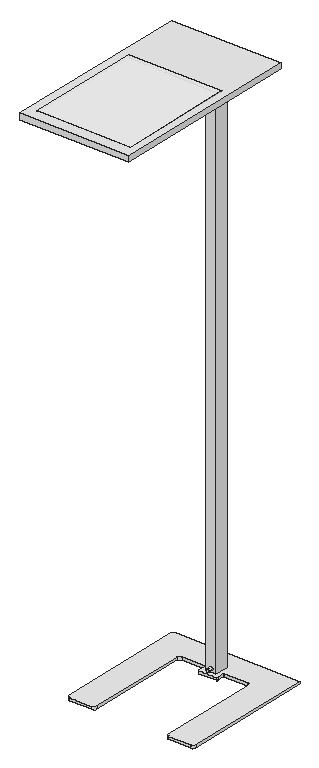
Revit family "0060802 Sylvania Lighting Fixture FREEOFFICE DIRECT INDIRECT 14KLM PIR BLACK UK", category Lighting Fixtures, host Face, Revit 2016
Family settings
  Host = Face
  Part Type = Normal
  Round Connector Dimension = Use Diameter
  OmniClass Number = 23.80.70.11.17
  OmniClass Title = Specialized Lighting by Location or Use
  Cut with Voids When Loaded = No
  Light Source = Yes
  Shared = No
  Room Calculation Point = No
Parameters (values of type "0060802 FREEOFFICE D/I 14 PIR BLACK UK")
  Weight = "22.8 kg"
  Wattage = 107 W
  WarrantyStartDate [instance] = "n/a"
  WarrantyGuarantorParts = "n/a"
  WarrantyDurationUnit = "n/a"
  WarrantyDurationParts = "n/a"
  WarrantyDescription = "n/a"
  built-in parameter 1150110 = 1 (stored number, unit not read)
  Voltage = 230 V
  TypeName = "FREEOFFICE DIRECT/INDIRECT 14KLM PIR BLACK UK"
  built-in parameter 1114217 = 1 (stored number, unit not read)
  Tilt Angle = -90°
  built-in parameter 1150109 = 1 (stored number, unit not read)
  built-in parameter 1150134 = 12
  built-in parameter 1150113 = 1 (stored number, unit not read)
  SerialNumber [instance] = "n/a"
  Radius_FEILO = 165.0 mm
  URL = "http://www.sylvania-lighting.com"
  PowerFactor = 0.98
  PowerConsumption = "107 W"
  Photometric Web File = "0060802.ies"
  PIR_SYL = yes
  NominalWidth = 0.0 mm
  NominalLength = 690.0 mm
  NominalHeight = 2030.0 mm
  Name = "FREEOFFICE DIRECT/INDIRECT 14KLM PIR BLACK UK"
  ModelReference = "FREEOFFICE DIRECT/INDIRECT 14KLM PIR BLACK UK"
  ModelNumber = "0060802"
  Material_3_SYL = Body-Sylvania-FreeOffice-BLK
  Material_2_SYL = Polycarbonate_Sylvania_Sylcircle_Opal
  Material_1_SYL = Body-Sylvania-FreeOffice-BLK
  Material = "head and pole : powder coated aluminium. stand: powder coated steel housing, pmma diffuser"
  ManufacturerName = "Feilo Sylvania"
  LuminousEfficacy = "132 lm/W"
  built-in parameter 1150105 = 4275.8 (stored number, unit not read)
  Lumens = 14124 lm
  LuminaireType = ""
  built-in parameter 1150115 = 1 (stored number, unit not read)
  LightOutputRatio = "n/a"
  built-in parameter 1150137 = (empty or 0)
  built-in parameter 1150139 = (empty or 0)
  LampsType = Lamp  # "LED"
  LampNominalLuminous = "14100 lm"
  LampMacAdamStep = "3"
  LampColourTemperature = "4000 K"
  LampColourRenderingIndex = "80"
  built-in parameter 1150112 = 1 (stored number, unit not read)
  built-in parameter 1150114 = 1 (stored number, unit not read)
  Keynote = "16500"
  InstallationDate [instance] = "n/a"
  InputVoltage = "220-240V~"
  InputNominalFrequency = "50/60 Hz"
  built-in parameter 1150132 = (empty or 0)
  built-in parameter 1150102 = (empty or 0)
  built-in parameter 1150107 = 4000 (stored number, unit not read)
  built-in parameter 1150138 = (empty or 0)
  IngressProtection = "IP20"
  ImpactProtectionIndex = "IK02"
  built-in parameter 1150106 = 42.758 (stored number, unit not read)
  IfcExportType = "IfcLightFixtureType"
  IfcExportAs = "IfcLightFixtureType"
  Height_FEILO = 96.0 mm
  ExpectedLife = 50000
  Emit from Rectangle Width = 340.1 mm
  Emit from Rectangle Length = 564.6 mm
  Emit Shape Visible in Rendering = no
  ElectricShockClassification = "Class I"
  built-in parameter 1150104 = 12.263 (stored number, unit not read)
  DurationUnit = "hours"
  DocumentationLiterature = "http://www.sylvania-lighting.com/product/en-int/products/0060802"
  DimmingControlOptions = "Dimmable"
  Dimming Lamp Color Temperature Shift = <None>
  Diameter_FEILO = 2 * Radius_FEILO  # 330.0 mm
  CreatedOn = "12/5/2018"
  CreatedBy = "@sylvania-lighting.com"
  Color Filter = 16777215
  built-in parameter 1114216 [instance] = 1 (stored number, unit not read)
  Model = "FREEOFFICE DIRECT/INDIRECT 14KLM PIR BLACK UK"
  Manufacturer = "Feilo Sylvania"
  Lamp = "LED"
  Description = "FREEOFFICE DIRECT/INDIRECT 14KLM PIR BLACK UK is a highly efficient free-standing floor lamp providing optimal illumination for single and twin workstations. 80% uplight and 20% downlight ratio for ambient and task lighting from a single luminaire. Microprismatic PMMA optics for advanced glare control. Black RAL9005 powder coated luminaire body. Aluminium head and pole for high-quality appearance, steel stand for higher stability. Luminaire dimensions: Head: 690x397x25mm, Stand: 480x460x16mm, Pole: 55x35x2030mm. Operated and dimmed with a push button located in the pole at a height suitable to be used with adjustable height desks. Equipped with presence and daylight sensor. Up and downlight dims together. 4000K Neutral White LED, CRI>80, chromaticity tolerance: SDCM<3. Luminous flux: 14100lm. Power consumption 107W. Luminaire efficacy: 132lm/W. Lumen maintenance: L80B50=55000h. UGR<16, Luminance at 65°<3000 cd/m2. IK02, IP20. Photobiological safety risk group 0. Electrical protection: Class I. Glow wire test: 650°C. Supplied with 3m cable with BS 1363 plug."
  Default Elevation = 0.0 mm
  built-in parameter 1140040 [instance] = 1
  BarCode [instance] = "n/a"
  built-in parameter 1114218 = 1 (stored number, unit not read)
  built-in parameter 1150133 = 10 (stored number, unit not read)
  AssetType = "Fixed"
  AssetIdentifier [instance] = "n/a"
  Assembly Code = "D5020200"
  Apparent Load = 107 VA
Reference planes
  plane 1 "Center (Front/Back)": y = 0
  plane 2: z = 0
  plane 3 "Center (Left/Right)": x = 0
  plane 4: z = 2030
  plane 5: x = 230
  plane 6: x = -230
  plane 7: x = 18
  plane 8: x = -18
  plane 9: x = -198.5
  plane 10: x = 198.5
  plane 11: y = 25
  plane 12: y = -25
  plane 13: y = -390.174
  plane 14: y = 89.826
  plane 15: y = -645
  plane 16: y = 44
  plane 17: z = 9
  plane 18: z = 2010
  plane 19: y = -187.327
  plane 20: y = -603.8
  plane 21: x = -170.03
  plane 22: x = 170.03
  plane 23: y = -39.174
  plane 24: z = 2020
  plane 25: x = 130
  plane 26: x = -130
  plane 27: y = -10.174
  plane 28: x = 34
  plane 29: x = -34
  plane 30: y = -39.174
  plane 31: y = -321.487
  plane 32: z = 21
  plane 33: y = -624.4
  plane 34: z = 2009
Forms (mm)
  Extrusion 1, solid, material "Body-Sylvania-FreeOffice-BLK" <- "Material_1_SYL"
    sketch origin (-1380.213, -4572, 2010) x (-1, 0, 0) y (0, -1, 0)
      loop
        line (-1181.713, -3927) -> (-1578.713, -3927) -> (-1578.713, -4616) -> (-1181.713, -4616) -> (-1181.713, -3927)
    from 0 to 20
  Extrusion 2, void
    sketch origin (-1380.213, -4572, 2030) x (0, -1, 0) y (-1, 0, 0)
      loop
        line (-4384.673, -1210.183) -> (-4384.673, -1550.243) -> (-3968.2, -1550.243) -> (-3968.2, -1210.183) -> (-4384.673, -1210.183)
    from 0 to 20
  Extrusion 3, void
    sketch origin (-1380.213, -4572, 2010) x (0, -1, 0) y (-1, 0, 0)
      loop
        line (-3968.2, -1210.183) -> (-4532.826, -1210.183) -> (-4532.826, -1550.243) -> (-3968.2, -1550.243) -> (-3968.2, -1210.183)
    from 0 to -10
  Extrusion 4, solid, material "Body-Sylvania-FreeOffice-BLK" <- "Material_1_SYL"
    sketch origin (0, 0, 0) x (1, 0, 0) y (0, 1, 0)
      loop
        line (-230, 79.826) -> (-230, -380.174)
        arc (-230, -380.174) -> (-227.071, -387.245) -> (-220, -390.174) r 10
        line (-220, -390.174) -> (-140, -390.174)
        arc (-140, -390.174) -> (-132.929, -387.245) -> (-130, -380.174) r 10
        line (-130, -380.174) -> (-130, -20.174)
        arc (-130, -20.174) -> (-127.071, -13.103) -> (-120, -10.174) r 10
        line (-120, -10.174) -> (-36, -10.174)
        arc (-36, -10.174) -> (-34.586, -10.76) -> (-34, -12.174) r 2
        line (-34, -12.174) -> (-34, -37.174)
        arc (-34, -37.174) -> (-33.414, -38.588) -> (-32, -39.174) r 2
        line (-32, -39.174) -> (32, -39.174)
        arc (32, -39.174) -> (33.414, -38.588) -> (34, -37.174) r 2
        line (34, -37.174) -> (34, -12.174)
        arc (34, -12.174) -> (34.586, -10.76) -> (36, -10.174) r 2
        line (36, -10.174) -> (120, -10.174)
        arc (120, -10.174) -> (127.071, -13.103) -> (130, -20.174) r 10
        line (130, -20.174) -> (130, -380.174)
        arc (130, -380.174) -> (132.929, -387.245) -> (140, -390.174) r 10
        line (140, -390.174) -> (220, -390.174)
        arc (220, -390.174) -> (227.071, -387.245) -> (230, -380.174) r 10
        line (230, -380.174) -> (230, 89.826) -> (-220, 89.826)
        arc (-220, 89.826) -> (-227.071, 86.897) -> (-230, 79.826) r 10
    from 0 to 9
  Extrusion 5, solid, material "Body-Sylvania-FreeOffice-BLK" <- "Material_1_SYL"
    sketch origin (645.563, -4597, 9) x (0, -1, 0) y (-1, 0, 0)
      loop
        line (-4622, 663.563) -> (-4622, 627.563) -> (-4572, 627.563) -> (-4572, 663.563) -> (-4622, 663.563)
    from 0 to -2001
  Extrusion 6, solid, material "Body-Sylvania-FreeOffice-BLK" <- "Material_1_SYL"
    sketch origin (747.1, -25, 1219.2) x (1, 0, 0) y (0, 0, 1)
      loop
        circle (-747.1, -1198.2) r 5
    from 0 to 14.174
  Extrusion 7, solid, material "Polycarbonate_Sylvania_Sylcircle_Opal" <- "Material_2_SYL"
    sketch origin (-1380.213, -4572, 2030) x (-1, 0, 0) y (0, -1, 0)
      loop
        line (-1550.243, -3968.2) -> (-1550.243, -4384.673) -> (-1210.183, -4384.673) -> (-1210.183, -3968.2) -> (-1550.243, -3968.2)
    from 0 to -10
  Extrusion 8, solid, material "Polycarbonate_Sylvania_Sylcircle_Opal" <- "Material_2_SYL"
    sketch origin (-1380.213, -4572, 2010) x (-1, 0, 0) y (0, -1, 0)
      loop
        line (-1210.183, -4532.826) -> (-1210.183, -3968.2) -> (-1550.243, -3968.2) -> (-1550.243, -4532.826) -> (-1210.183, -4532.826)
    from 0 to 10
  Revolve 9, solid, material "Body-Sylvania-FreeOffice-BLK" <- "Material_3_SYL", visible <- "PIR_SYL"
    sketch origin (747.1, -624.4, 1219.2) x (1, 0, 0) y (0, 0, 1)
      loop
        line (-757.1, 789.8) -> (-754.426, 789.8)
        arc (-754.426, 789.8) -> (-751.007, 787.781) -> (-747.1, 787.079) r 11.221
        line (-747.1, 787.079) -> (-747.1, 790.8) -> (-757.1, 790.8) -> (-757.1, 789.8)
      axis (-747.1, 790.8) -> (-747.1, 787.079)
    angle from 0 to 360
Cuts and joins
  Extrusion 2, Extrusion 3 cuts Extrusion 1
Lines and regions (mm)
  reference lines
    curve 1: circle (0, 0, 21) r 5 normal (0, -1, 0)
    curve 2: circle (0, -624.4, 2010) r 10 normal (0, 0, 1)
Dimensions and locks
  equal spacing: plane 12, plane 1 "Center (Front/Back)", plane 11
  locked: plane 12 to plane 11 at 50
  equal spacing: plane 8, plane 3 "Center (Left/Right)", plane 7
  plane 8 to plane 7 = 36.0 mm
  equal spacing: plane 9, plane 3 "Center (Left/Right)", plane 10
  plane 9 to plane 10 = 397.0 mm
  equal spacing: plane 6, plane 3 "Center (Left/Right)", plane 5
  locked: plane 6 to plane 5 at 460
  locked: plane 4 to plane 2 at 2030
  locked: plane 13 to plane 1 "Center (Front/Back)" at 390.174
  locked: plane 13 to plane 14 at 480
  locked: plane 15 to plane 1 "Center (Front/Back)" at 645
  locked: plane 15 to plane 16 at 689
  locked: plane 17 to plane 2 at 9
  locked: plane 4 to plane 18 at 20
  locked: plane 19 to plane 1 "Center (Front/Back)" at 187.327
  locked: plane 20 to plane 19 at 416.473
  equal spacing: plane 21, plane 3 "Center (Left/Right)", plane 22
  plane 21 to plane 22 = 340.059 mm
  locked: plane 20 to plane 23 at 564.626
  equal spacing: plane 4, plane 24, plane 18
  equal spacing: plane 26, plane 3 "Center (Left/Right)", plane 25
  locked: plane 26 to plane 25 at 260
  locked: plane 27 to plane 14 at 100
  equal spacing: plane 29, plane 3 "Center (Left/Right)", plane 28
  locked: plane 29 to plane 28 at 68
  locked: plane 30 to plane 27 at 29
  equal spacing: plane 20, plane 31, plane 23
  locked: plane 32 to host face at 21
  equal spacing: plane 15, plane 33, plane 20
  locked: Revolve 9 sketch curve to plane 18 at 7.5
  locked: plane 18 to plane 34 at 1
  radius of curve 2 = 10.0 mm
  aligned and locked: plane 2 to host face
  aligned and locked: level to host face
  aligned and locked: plane 15 to Extrusion 1 sketch curve
  aligned and locked: Extrusion 1 sketch curve to plane 9
  aligned and locked: Extrusion 1 sketch curve to plane 16
  aligned and locked: plane 10 to Extrusion 1 sketch curve
  aligned and locked: plane 4 to Extrusion 1
  aligned and locked: Extrusion 1 to plane 18
  aligned and locked: Extrusion 2 sketch curve to plane 19
  aligned and locked: plane 20 to Extrusion 2 sketch curve
  aligned and locked: Extrusion 2 to plane 18
  aligned and locked: plane 4 to Extrusion 2
  aligned and locked: plane 21 to Extrusion 2 sketch curve
  aligned and locked: plane 22 to Extrusion 2 sketch curve
  aligned and locked: Extrusion 3 sketch curve to cut or joined group of Extrusion 1, Extrusion 2, Extrusion 3  (x2)
  aligned and locked: plane 23 to Extrusion 3 sketch curve
  aligned and locked: plane 22 to Extrusion 3 sketch curve
  aligned and locked: Extrusion 3 to plane 18
  aligned and locked: plane 24 to Extrusion 3
  aligned and locked: Extrusion 4 sketch curve to plane 14
  aligned and locked: Extrusion 4 sketch curve to plane 6
  aligned and locked: plane 13 to Extrusion 4 sketch curve  (x2)
  aligned and locked: Extrusion 4 sketch curve to plane 26
  aligned and locked: Extrusion 4 sketch curve to plane 25
  aligned and locked: plane 5 to Extrusion 4 sketch curve
  aligned and locked: plane 29 to Extrusion 4 sketch curve
  aligned and locked: plane 30 to Extrusion 4 sketch curve
  aligned and locked: Extrusion 4 sketch curve to plane 28
  aligned and locked: Extrusion 4 sketch curve to plane 27
  aligned and locked: Extrusion 4 to plane 17
  aligned and locked: Extrusion 4 to level
  aligned and locked: Extrusion 5 sketch curve to plane 8
  aligned and locked: plane 7 to Extrusion 5 sketch curve
  aligned and locked: plane 18 to Extrusion 5
  aligned and locked: plane 11 to Extrusion 5 sketch curve
  aligned and locked: Extrusion 5 sketch curve to plane 12
  aligned and locked: plane 24 to imposter light
  aligned and locked: imposter light to plane 3 "Center (Left/Right)"
  aligned and locked: imposter light to plane 31
  aligned and locked: Extrusion 6 sketch curve to curve 1
  aligned and locked: Extrusion 6 to plane 12
  aligned and locked: Extrusion 6 to cut or joined group of Extrusion 1, Extrusion 2, Extrusion 3
  aligned and locked: Extrusion 7 sketch curve to cut or joined group of Extrusion 1, Extrusion 2, Extrusion 3  (x4)
  aligned and locked: Extrusion 7 to plane 4
  aligned and locked: Extrusion 7 to cut or joined group of Extrusion 1, Extrusion 2, Extrusion 3
  aligned and locked: Extrusion 8 sketch curve to cut or joined group of Extrusion 1, Extrusion 2, Extrusion 3  (x4)
  aligned and locked: Extrusion 8 to cut or joined group of Extrusion 1, Extrusion 2, Extrusion 3
  aligned and locked: Extrusion 8 to plane 18
  aligned and locked: plane 3 "Center (Left/Right)" to curve 2
  aligned and locked: plane 33 to curve 2
  aligned and locked: plane 3 "Center (Left/Right)" to Revolve 9 sketch curve  (x2)
  aligned and locked: Revolve 9 sketch curve to plane 3 "Center (Left/Right)"
  aligned and locked: Revolve 9 sketch curve to plane 34
Automatic sketch dimensions
  host sketch curve to host sketch curve = 1305.563 mm
  host sketch curve to host sketch curve = 1283.632 mm
  plane 27 to Extrusion 4 sketch curve = 0.0 mm
  plane 6 to Extrusion 4 sketch curve = 10.0 mm  (x2)
  Extrusion 4 sketch curve to plane 13 = 10.0 mm
  Extrusion 4 sketch curve to plane 26 = 10.0 mm
  Extrusion 4 sketch curve to Extrusion 4 sketch curve = 2.0 mm
  plane 29 to Extrusion 4 sketch curve = 2.0 mm
  Extrusion 4 sketch curve to plane 28 = 2.0 mm
  plane 28 to Extrusion 4 sketch curve = 2.0 mm
  Extrusion 4 sketch curve to plane 25 = 10.0 mm
  Extrusion 4 sketch curve to Extrusion 4 sketch curve = 10.0 mm
  Extrusion 4 sketch curve to plane 5 = 10.0 mm
  curve 1 to plane 3 "Center (Left/Right)" = 0.0 mm
  curve 1 to plane 32 = 0.0 mm
  Revolve 9 sketch curve to plane 18 = 0.0 mm
  Revolve 9 sketch curve to plane 3 "Center (Left/Right)" = 7.326 mm
  Revolve 9 sketch curve to Revolve 9 sketch curve = 2.674 mm
  Revolve 9 sketch curve to level = 94.652 mm
  plane 4 to Revolve 9 sketch curve = 432.257 mm
  radius of curve 1 = 5.0 mm
Connectors
  electrical at (0, -39.174, 21), driven by "PowerFactor", driven by "Voltage", driven by "Apparent Load", driven by "Apparent Load"
    settings: on Extrusion 6, index 1, voltage 230 V, apparent load 107 VA, apparent load phase1 107 VA, apparent load phase2 0 VA, apparent load phase3 0 VA, power factor 0.98, load classification "Other", number of poles 1, system type 30, power factor state 1, is connector primary yes, connector utility no, sub classification motor no, connector description ""
